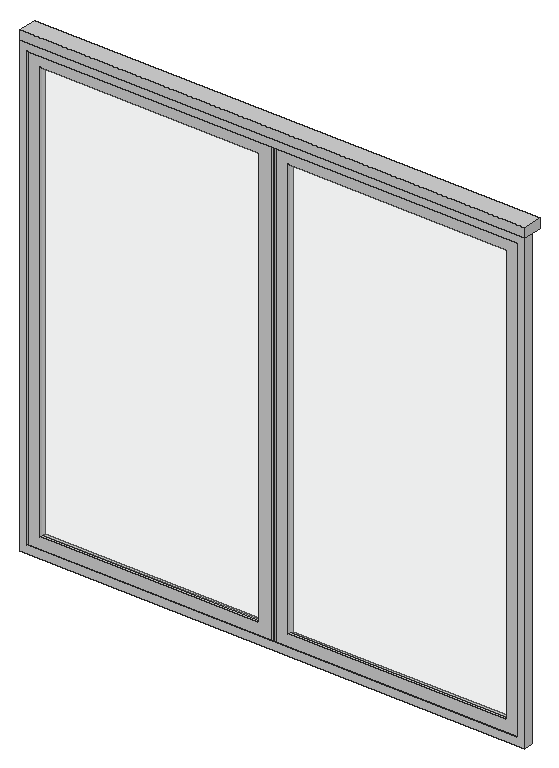
Revit family "Door_Fixed Panel_The Sliding Door Company_2-Panel Fixed (Open-Air)", category Doors, host Wall, Revit 2019
Family settings
  Host = Wall
  OmniClass Number = 23.30.10.00
  OmniClass Title = Doors
  Always vertical = Yes
  Cut with Voids When Loaded = No
  Shared = No
  Room Calculation Point = No
Parameters (values of type "2 Fixed Panels with 2x4 Beam (Open-Air)")
  URL = "https://www.slidingdoorco.com"
  Thickness = 1 1/4"  # constant formula
  Rough Width = Finished Opening or Order Width + 5/8" * 2  # 107 1/4"
  Rough Height = Finished Opening Height + 5/8"  # 96 5/8"
  Panel Width = (Width - 2") / 2  # 52"
  Panel Height = Height - 1 1/2"  # 94 1/2"
  Overall System Height = Finished Opening Height + 2"  # 98"
  Model = "Fixed Panel System (Open-Air)"  # constant formula
  Manufacturer = "The Sliding Door Company"  # constant formula
  Limitations = "Panel Width x System Height cannot exceed 7,400 square inches"  # constant formula
  Glass Thickness = "Available in: 5mm Tempered, 7mm,10mm,11mm Laminated Glass"  # constant formula
  Glass Material [instance] = TSDC - Glass - Clear
  Function = Interior
  Height = if(Finished Opening Height > 122", 122", Finished Opening Height)  # 96"
  Wall Closure = By host
  Width = if(Finished Opening or Order Width > 106", 106", Finished Opening or Order Width)  # 106"
  Stile and Rail = 3"
  Fire Rating = "N/A"  # constant formula
  Finished Opening or Order Width = 106"
  Finished Opening Height = 96"
  Door Casing Material [instance] = TSDC - Casing/Upper Track - Anodized Aluminum Silver
  Description = "2 Fixed Panel System"  # constant formula
  Contact The Sliding Door Company = "https://www.slidingdoorco.com/contact"
  Construction Type = "Fixed Panel System, Mounted to 2x4 Beam"  # constant formula
  Analytic Construction = "<None>"
  3" Frame (No Support Dividers) = "Max. H=122 in., Max. W=106 in. (52 in. panel width)"  # constant formula
  1 1/2" Frame (No Support Dividers) = "Max. H=108 in., Max. W=102 in. (50 in. panel width)"  # constant formula
Reference planes (in)
  plane 1 "Center (Front/Back)": y = 0
  plane 2 "Center (Left/Right)": x = 0
  plane 3 "Top": z = 96
  plane 4 "Exterior": y = 3
  plane 5 "Interior": y = -3
  plane 6 "2": z = 94.375
  plane 7 "3": z = 95.25
  plane 8: y = -0.67851
  plane 9: x = -53
  plane 10: x = 53
  plane 11: x = 52
  plane 12: x = -52
  plane 13 "4": z = 98
  plane 14: z = 0.75
Forms (in)
  Extrusion 1, solid, material "TSDC - Casing/Upper Track - Anodized Aluminum Silver" <- "Door Casing Material"
    sketch origin (40.75888, -1.3998, 0) x (-1, 0, 0) y (0, 0, -1)
      loop
        line (92.75888, -95.25) -> (92.75888, -0.75) -> (40.75888, -0.75) -> (40.75888, -95.25) -> (92.75888, -95.25)
      loop
        line (89.75888, -92.25) -> (89.75888, -3.75) -> (43.75888, -3.75) -> (43.75888, -92.25) -> (89.75888, -92.25)
    from 0 to 1.25
  Extrusion 2, solid, material "TSDC - Glass - Clear" <- "Glass Material"
    sketch origin (40.75888, -1.8998, 0) x (-1, 0, 0) y (0, 0, -1)
      loop
        line (89.75888, -92.25) -> (89.75888, -3.75) -> (43.75888, -3.75) -> (43.75888, -92.25) -> (89.75888, -92.25)
    from 0 to 0.25
  Extrusion 3, solid, material "TSDC - Casing/Upper Track - Anodized Aluminum Silver" <- "Door Casing Material"
    sketch origin (69.57138, -1.3998, 0) x (-1, 0, 0) y (0, 0, -1)
      loop
        line (69.57138, -95.25) -> (69.57138, -0.75) -> (17.57138, -0.75) -> (17.57138, -95.25) -> (69.57138, -95.25)
      loop
        line (66.57138, -92.25) -> (66.57138, -3.75) -> (20.57138, -3.75) -> (20.57138, -92.25) -> (66.57138, -92.25)
    from 0 to 1.25
  Extrusion 4, solid, material "TSDC - Glass - Clear" <- "Glass Material"
    sketch origin (69.57138, -1.8998, 0) x (-1, 0, 0) y (0, 0, -1)
      loop
        line (66.57138, -92.25) -> (66.57138, -3.75) -> (20.57138, -3.75) -> (20.57138, -92.25) -> (66.57138, -92.25)
    from 0 to 0.25
  Extrusion 5, solid, material "TSDC - Casing/Upper Track - Anodized Aluminum Silver" <- "Door Casing Material"
    sketch origin (46.26672, -2.06132, 0) x (1, 0, 0) y (0, 1, 0)
      loop
        line (-46.36047, -0.58848) -> (-46.64172, -0.58848) -> (-46.64172, -0.62754) -> (-45.89172, -0.62754) -> (-45.89172, -0.58848) -> (-46.17297, -0.58848) -> (-46.17297, 0.66152) -> (-45.89172, 0.66152) -> (-45.89172, 0.70058) -> (-46.64172, 0.70058) -> (-46.64172, 0.66152) -> (-46.36047, 0.66152) -> (-46.36047, -0.58848)
    from 0.75 to 95.25
  Sweep 6, solid, material "TSDC - Casing/Upper Track - Anodized Aluminum Silver" <- "Door Casing Material"
    path origin (0, 0, 0) x (1, 0, 0) y (0, 0, 1)
      loop
        line (53, 96) -> (-53, 96) -> (-53, 0) -> (53, 0) -> (53, 96)
    profile origin (0, 0, 96) x (0, 0, -1) y (0, -1, 0)
      loop
        line (0, 3) -> (0, 1.0248) -> (1.5, 1.0248) -> (1.5, 1.36074) -> (0.0625, 1.36074) -> (0.0625, 2.68886) -> (1.5, 2.68886) -> (1.5, 3) -> (0, 3)
  Extrusion 7, solid, material "TSDC - Casing/Upper Track - Anodized Aluminum Silver" <- "Door Casing Material"
    sketch origin (0, 0, 0) x (0, 1, 0) y (0, 0, 1)
      loop
        line (-3, 98) -> (-3, 96) -> (1, 96) -> (1, 98) -> (-3, 98)
    from -53 to 53
Lines and regions (in)
  Opening 1
    outline origin (-60, -3, 0) x (1, 0, 0) y (0, 0, 1)
      loop
        line (113, 0) -> (113, 98) -> (7, 98) -> (7, 0) -> (113, 0)
  model lines, not visible
    curve 1: line (-29.8125, -2.71348, 0) -> (-29.8125, -1.28652, 0)
    curve 2: line (-28.3125, -3, 0) -> (-29.8125, -3, 0)
    curve 3: line (-29.23047, -1.28652, 0) -> (-29.8125, -1.28652, 0)
    curve 4: line (-29.75, -2.65098, 0) -> (-29.75, -1.34902, 0)
    curve 5: line (-29.23047, -1.07167, 0) -> (-29.23047, -1.28652, 0)
    curve 6: line (-29.16797, -1.07167, 0) -> (-29.23047, -1.07167, 0)
    curve 7: line (-29.16797, -1.28652, 0) -> (-29.16797, -1.07167, 0)
    curve 8: line (-28.42188, -1.07167, 0) -> (-28.42188, -1.28652, 0)
    curve 9: line (-28.35938, -1.34902, 0) -> (-28.35938, -1.07167, 0)
    curve 10: line (-28.42188, -1.28652, 0) -> (-29.16797, -1.28652, 0)
    curve 11: line (-28.35938, -1.07167, 0) -> (-28.42188, -1.07167, 0)
    curve 12: line (-28.35938, -1.34902, 0) -> (-29.75, -1.34902, 0)
    curve 13: line (-29.23047, -2.71348, 0) -> (-29.8125, -2.71348, 0)
    curve 14: line (-29.23047, -2.92833, 0) -> (-29.23047, -2.71348, 0)
    curve 15: line (-29.16797, -2.92833, 0) -> (-29.23047, -2.92833, 0)
    curve 16: line (-29.16797, -2.71348, 0) -> (-29.16797, -2.92833, 0)
    curve 17: line (-28.42188, -2.92833, 0) -> (-28.42188, -2.71348, 0)
    curve 18: line (-28.35938, -2.65098, 0) -> (-28.35938, -2.92833, 0)
    curve 19: line (-28.42188, -2.71348, 0) -> (-29.16797, -2.71348, 0)
    curve 20: line (-28.35938, -2.92833, 0) -> (-28.42188, -2.92833, 0)
    curve 21: line (-28.35938, -2.65098, 0) -> (-29.75, -2.65098, 0)
    curve 22: line (-28.3125, -1.0248, 0) -> (-29.8125, -1.0248, 0)
    curve 23: line (-29.8125, -1.0248, 0) -> (-29.8125, -1.2748, 0)
    curve 24: line (-29.8125, -1.2748, 0) -> (29.8125, -1.2748, 0)
    curve 25: line (-29.77734, -1.2748, 0) -> (-29.77734, -1.05996, 0)
    curve 26: line (-29.24219, -1.2748, 0) -> (-29.24219, -1.05996, 0)
    curve 27: line (-29.27734, -1.05996, 0) -> (-29.27734, -1.2748, 0)
    curve 28: line (-29.77734, -1.05996, 0) -> (-28.34766, -1.05996, 0)
    curve 29: line (-28.34766, -1.05996, 0) -> (-28.34766, -1.34902, 0)
    curve 30: line (-28.3125, -1.34902, 0) -> (-28.3125, -1.0248, 0)
    curve 31: line (-28.34766, -1.34902, 0) -> (-28.3125, -1.34902, 0)
Text (in)
  text "Exterior" at (-165.54235, 27.31104, 0), in view "Ref. Level"
  text "Interior" at (-165.54235, -25.14366, 0), in view "Ref. Level"
  text "Exterior" at (0, 40.15149, 123.01588), in view "Right"
  text "Interior" at (0, -64.39139, 123.01588), in view "Right"
  text "Interior" at (0, -31.01599, 123.00693), in view "Left"
  text "Exterior" at (0, 54.57065, 123.00693), in view "Left"
Dimensions and locks (in)
  "Height": level to plane 3 "Top"
  locked: plane 6 "2" to plane 3 "Top" at 1.625
  locked: plane 7 "3" to plane 3 "Top" at 0.75
  "Stile and Rail": Extrusion 1 to Extrusion 1  (x4)
  equal spacing: plane 9, plane 2 "Center (Left/Right)", plane 10
  "Width": plane 9 to plane 10
  locked: plane 9 to plane 12 at 1
  locked: plane 11 to plane 10 at 1
  "Stile and Rail": Extrusion 3 to Extrusion 3  (x4)
  plane 5 "Interior" to Extrusion 3 to Extrusion 3 = 0.3502" locked, 1 1/4" locked
  plane 5 "Interior" to Extrusion 1 to Extrusion 1 = 0.3502" locked, 1 1/4" locked
  plane 5 "Interior" to Extrusion 2 to Extrusion 2 = 0.8502" locked, 1/4" locked
  plane 5 "Interior" to Extrusion 4 to Extrusion 4 = 0.8502" locked, 1/4" locked
  plane 5 "Interior" to Extrusion 5 to Extrusion 5 to Extrusion 5 to Extrusion 5 = 0.31114" locked, 5/128" locked, 1 1/4" locked, 5/128" locked
  locked: Extrusion 1 to Extrusion 1 at 1.25
  Sweep 6 to Sweep 6 to Sweep 6 to Sweep 6 = 43/128" locked, 1 21/64" locked, 0.31114" locked
  locked: plane 3 "Top" to plane 13 "4" at 2
  locked: Extrusion 7 to Extrusion 7 at 4
  aligned and locked: plane 4 "Exterior" to host wall
  aligned and locked: host wall to plane 5 "Interior"
  aligned and locked: Extrusion 1 to Extrusion 2  (x4)
  aligned and locked: plane 2 "Center (Left/Right)" to Extrusion 1
  aligned and locked: Extrusion 3 to Extrusion 4  (x4)
  aligned and locked: Extrusion 5 to plane 7 "3"
  aligned and locked: plane 10 to Opening 1 sketch curve
  aligned and locked: Sweep 6 sketch curve to host wall
  aligned and locked: host wall to Sweep 6 sketch curve  (x2)
  aligned and locked: profile plane to Sweep 6 sketch curve
  aligned and locked: Extrusion 5 to Sweep 6 sketch curve
  aligned and locked: Sweep 6 sketch curve to Extrusion 5
  aligned and locked: plane 13 "4" to Extrusion 7 sketch curve
  aligned and locked: plane 5 "Interior" to Extrusion 7 sketch curve
  aligned and locked: plane 3 "Top" to Extrusion 7 sketch curve
  aligned and locked: plane 13 "4" to Opening 1 sketch curve
  aligned and locked: Extrusion 7 to host wall
  aligned and locked: level to Opening 1 sketch curve
  aligned and locked: host wall to Extrusion 7
  aligned and locked: Extrusion 7 to plane 9
  aligned and locked: Extrusion 1 to plane 14
  aligned and locked: Extrusion 5 to Extrusion 1
  aligned and locked: Extrusion 3 to Extrusion 1
Automatic sketch dimensions
  Extrusion 1 sketch curve to plane 2 "Center (Left/Right)" = 0"
  Extrusion 1 sketch curve to plane 7 "3" = 0"
  Extrusion 1 sketch curve to plane 12 = 0"
  plane 6 "2" to Extrusion 1 sketch curve = 2 1/8"
  Extrusion 1 sketch curve to plane 2 "Center (Left/Right)" = 3"
  plane 12 to Extrusion 1 sketch curve = 3"
  plane 6 "2" to Extrusion 2 sketch curve = 2 1/8"
  Extrusion 2 sketch curve to plane 2 "Center (Left/Right)" = 3"
  plane 12 to Extrusion 2 sketch curve = 3"
  Extrusion 3 sketch curve to plane 7 "3" = 0"
  Extrusion 3 sketch curve to plane 11 = 0"
  Extrusion 3 sketch curve to plane 2 "Center (Left/Right)" = 0"
  plane 6 "2" to Extrusion 3 sketch curve = 2 1/8"
  Extrusion 3 sketch curve to plane 11 = 3"
  plane 2 "Center (Left/Right)" to Extrusion 3 sketch curve = 3"
  plane 6 "2" to Extrusion 4 sketch curve = 2 1/8"
  Extrusion 4 sketch curve to plane 11 = 3"
  plane 2 "Center (Left/Right)" to Extrusion 4 sketch curve = 3"
  Extrusion 5 sketch curve to plane 2 "Center (Left/Right)" = 3/8"  (x2)
  Extrusion 5 sketch curve to plane 2 "Center (Left/Right)" = 3/32"
  plane 2 "Center (Left/Right)" to Extrusion 5 sketch curve = 3/32"
  Extrusion 5 sketch curve to Extrusion 5 sketch curve = 9/32"  (x2)
  Extrusion 5 sketch curve to host wall = 0.31114"
  Extrusion 5 sketch curve to Extrusion 5 sketch curve = 5/128"  (x3)
  plane 8 to Extrusion 5 sketch curve = 0.72129"
  Extrusion 5 sketch curve to Extrusion 5 sketch curve = 0"
  curve 24 to curve 1 = 0"
  curve 2 to curve 1 = 0"
  curve 22 to curve 28 = 9/256"
  curve 1 to curve 4 = 1/16"
  curve 4 to curve 14 = 133/256"
  curve 4 to curve 3 = 133/256"
  curve 3 to curve 10 = 1/16"
  curve 13 to curve 16 = 1/16"
  curve 16 to curve 19 = 191/256"
  curve 6 to curve 8 = 191/256"
  curve 17 to curve 18 = 1/16"
  curve 8 to curve 12 = 1/16"
  curve 18 to curve 2 = 3/64"
  curve 2 to curve 20 = 0.07167"
  curve 2 to curve 16 = 0.07167"
  curve 15 to curve 16 = 55/256"
  curve 14 to curve 16 = 0"
  curve 17 to curve 21 = 1/16"
  curve 18 to curve 12 = 1.30196"
  curve 9 to curve 10 = 1/16"
  curve 5 to curve 7 = 0"
  curve 1 to curve 24 = 3/256"
  curve 26 to curve 5 = 13/64"
  curve 8 to curve 11 = 55/256"
  curve 25 to curve 28 = 55/256"
  curve 25 to curve 22 = 9/256"
  curve 27 to curve 5 = 3/64"
  curve 26 to curve 5 = 3/256"
  curve 9 to curve 29 = 3/256"
  curve 28 to curve 31 = 9/256"
  curve 28 to curve 24 = 58 41/256"
  curve 9 to curve 30 = 0"
  Sweep 6 sketch curve to Sweep 6 sketch curve = 0"
  Sweep 6 sketch curve to level = 0"
  Sweep 6 sketch curve to profile plane = 1/16"
  Sweep 6 sketch curve to Sweep 6 sketch curve = 1 7/16"
  Sweep 6 sketch curve to Sweep 6 sketch curve = 43/128"
  Extrusion 7 sketch curve to plane 8 = 1.67851"
  Sweep 6 sketch curve to plane 3 "Top" = 0"
  plane 9 to Opening 1 sketch curve = 0"
  plane 14 to Extrusion 1 sketch curve = 3"
  Extrusion 1 sketch curve to plane 14 = 0"
  plane 14 to Extrusion 2 sketch curve = 3"
  plane 14 to Extrusion 3 sketch curve = 3"
  Extrusion 3 sketch curve to plane 14 = 0"
  plane 14 to Extrusion 4 sketch curve = 3"
